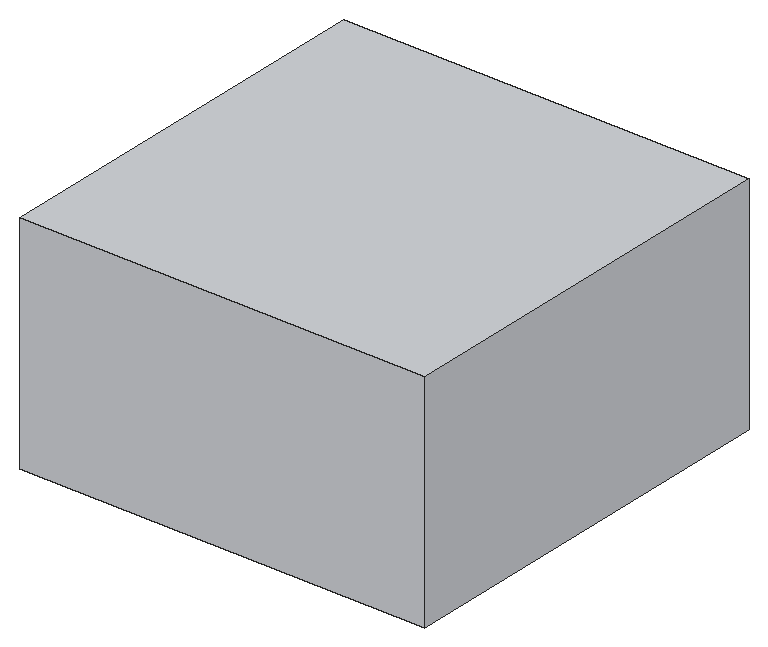
Revit family "6e072daafdea41bb9fd8dfc225a254d7", category Conduit Fittings, Revit 2021
Family settings
  Round Connector Dimension = Use Radius
  Part Type = Tee
  OmniClass Number = 23.80.30.17.11
  OmniClass Title = Conduits
  Work Plane-Based = No
  Always vertical = Yes
  Cut with Voids When Loaded = No
  Shared = No
Parameters (values of type "Standard")
  Width [instance] = Length  # 4 1/2"
  Nominal Radius 3 [instance] = 1/4"
  Nominal Radius 2 [instance] = 1/4"
  Nominal Radius 1 [instance] = 1/4"
  Nominal Diameter 3 [instance] = Nominal Radius 3 * 2  # 1/2"
  Nominal Diameter 2 [instance] = Nominal Radius 2 * 2  # 1/2"
  Nominal Diameter 1 [instance] = Nominal Radius 1 * 2  # 1/2"
  Max Nominal Diameter 13 [instance] = if(Nominal Diameter 1 > Nominal Diameter 3, Nominal Diameter 1, Nominal Diameter 3)  # 1/2"
  Max Nominal Diameter 123 [instance] = if(Max Nominal Diameter 12 > Max Nominal Diameter 13, Max Nominal Diameter 12, Max Nominal Diameter 13)  # 1/2"
  Max Nominal Diameter 12 [instance] = if(Nominal Diameter 1 > Nominal Diameter 2, Nominal Diameter 1, Nominal Diameter 2)  # 1/2"
  Height [instance] = if(not(Max Nominal Diameter 123 > 0' 1"), 0' 2 1/2", if(Max Nominal Diameter 123 < 0' 6", 0' 6", Max Nominal Diameter 123 * 1.2))  # 2 1/2"
  Length [instance] = if(not(Max Nominal Diameter 123 > 0' 1"), 0' 4 1/2", 6 * Max Nominal Diameter 123)  # 4 1/2"
  Default Elevation = 0' - 0"
Reference planes (in)
  plane 1 "Center (Front/Back)": y = 0
  plane 2: z = 0
  plane 3 "Center (Left/Right)": x = 0
  plane 4: x = -2.25
  plane 5: x = 2.25
  plane 6: y = 2.25
  plane 7: y = -2.25
  plane 8: z = 1.25
  plane 9: z = -1.25
Forms (in)
  Extrusion 1, solid
    sketch origin (0, 0, 0) x (1, 0, 0) y (0, 1, 0)
      loop
        line (-2.25, 2.25) -> (-2.25, -2.25) -> (2.25, -2.25) -> (2.25, 2.25) -> (-2.25, 2.25)
    from -1.25 to 1.25
Dimensions and locks (in)
  equal spacing: plane 4, plane 3 "Center (Left/Right)", plane 5
  "Length": plane 4 to plane 5
  equal spacing: plane 6, plane 1 "Center (Front/Back)", plane 7
  "Width": plane 6 to plane 7
  equal spacing: plane 8, plane 2, plane 9
  "Height": plane 8 to plane 9
  aligned and locked: Extrusion 1 sketch curve to plane 6
  aligned and locked: plane 4 to Extrusion 1 sketch curve
  aligned and locked: plane 7 to Extrusion 1 sketch curve
  aligned and locked: Extrusion 1 sketch curve to plane 5
  aligned and locked: Extrusion 1 to plane 9
  aligned and locked: plane 8 to Extrusion 1
Connectors (in)
  cabletrayconduit at (-2.25, 0, 0), diameter 0.5, driven by "Nominal Radius 1"
    settings: on Extrusion 1, index 1, connector width 1' - 0", connector height 1' - 0", connector angle 0.00°, system type 32, placement type 0, profile type 0, connector reference index 2, is primary connector yes, connector utility param no, connector description ""
  cabletrayconduit at (2.25, 0, 0), diameter 0.5, driven by "Nominal Radius 2"
    settings: on Extrusion 1, index 2, connector width 1' - 0", connector height 1' - 0", connector angle 0.00°, system type 32, placement type 0, profile type 0, connector reference index 1, is primary connector no, connector utility param no, connector description ""
  cabletrayconduit at (0, -2.25, 0), diameter 0.5, driven by "Nominal Radius 3"
    settings: on Extrusion 1, index 3, connector width 1' - 0", connector height 1' - 0", connector angle 0.00°, system type 32, placement type 0, profile type 0, connector reference index -1, is primary connector no, connector utility param no, connector description ""
